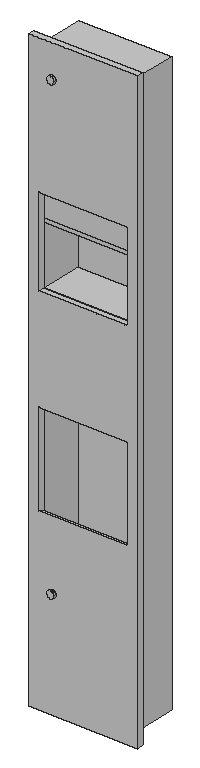
Revit family "RBA BIM - B815969", category Generic Models, Revit 2014
Parameters (values of type "B815969")
  Watermarked by = "RBA Group Pty Ltd"
  URL = "www.rba.com.au/washroom-accessories/paper-towel-dispensers"
  Specifier = "RBA Group Pty Ltd"
  Phone Number = "1300 788 778"
  Model = "B815969"
  Manufacturer = "Bobrick"
  MATERIAL = Stainless Steel, Brushed
  Description = "Recessed Hand Dryer, Paper Towel Dispenser & Waste Receptacle"
Reference planes
  plane 1 "Center (Front/Back)": y = 0
  plane 2: z = 0
  plane 3 "Center (Left/Right)": x = 0
  plane 4: z = 1830
  plane 5: x = -165
  plane 6: x = 165
  plane 7: y = -140
  plane 8: y = -159
  plane 9: z = 1140
  plane 10: z = 540
  plane 11: z = 825
  plane 12: z = 1805
  plane 13: z = 25
  plane 14: x = -140
  plane 15: x = 140
Forms (mm)
  Extrusion 1, solid, material "Stainless Steel, Brushed" <- "MATERIAL"
    sketch origin (0, 0, 25) x (1, 0, 0) y (0, 0, 1)
      loop
        line (-140, 0) -> (140, 0) -> (140, 1780) -> (-140, 1780) -> (-140, 0)
    from 0 to 140
  Blend 2, solid, material "Stainless Steel, Brushed" <- "MATERIAL"
    base sketch origin (0, 0, 0) x (1, 0, 0) y (0, 0, 1)
      loop
        line (-165, 1830) -> (-165, 0) -> (165, 0) -> (165, 1830) -> (-165, 1830)
    top sketch origin (0, 0, 0) x (1, 0, 0) y (0, 0, 1)
      loop
        line (-165, 1830) -> (-165, 0) -> (165, 0) -> (165, 1830) -> (-165, 1830)
    from 140 to 159
  Extrusion 3, solid, material "Stainless Steel, Brushed" <- "MATERIAL"
    sketch origin (0, 0, 0) x (1, 0, 0) y (0, 0, 1)
      loop
        circle (-95, 1730) r 11
    from 160 to 165
  Extrusion 4, solid, material "Stainless Steel, Brushed" <- "MATERIAL"
    sketch origin (0, 0, 0) x (1, 0, 0) y (0, 0, 1)
      loop
        circle (-95, 330) r 11
    from 160 to 165
  Extrusion 5, void
    sketch origin (0, 0, 0) x (1, 0, 0) y (0, 0, 1)
      loop
        line (-135, 1140) -> (135, 1140) -> (135, 1410) -> (-135, 1410) -> (-135, 1140)
    from 10 to 165
  Extrusion 6, void
    sketch origin (0, 0, 0) x (1, 0, 0) y (0, 0, 1)
      loop
        line (-135, 540) -> (135, 540) -> (135, 825) -> (-135, 825) -> (-135, 540)
    from 10 to 165
  Extrusion 7, void
    sketch origin (0, -159, 0) x (-1, 0, 0) y (0, 0, 1)
      loop
        line (135, 300) -> (135, 540) -> (-135, 540) -> (-135, 300) -> (135, 300)
    from 10 to 149
  Extrusion 8, solid, material "Stainless Steel, Brushed" <- "MATERIAL"
    sketch origin (-557.5, -159, -10) x (1, 0, 0) y (0, 0, 1)
      loop
        line (422.5, 1340) -> (692.5, 1340) -> (692.5, 1420) -> (422.5, 1420) -> (422.5, 1340)
    from -150 to -19
  Extrusion 9, solid, material "Stainless Steel AISI 304"
    sketch origin (-567.5, 0, 0) x (1, 0, 0) y (0, 0, 1)
      loop
        line (432.5, 1320) -> (702.5, 1320) -> (702.5, 1330) -> (432.5, 1330) -> (432.5, 1320)
    from 9 to 140
  Extrusion 10, solid, material "Stainless Steel, Brushed" <- "MATERIAL", not visible
    sketch origin (0, -160, 0) x (1, 0, 0) y (0, 0, 1)
      loop
        line (417.326, 1330) -> (717.326, 1330) -> (717.326, 1410) -> (417.326, 1410) -> (417.326, 1330)
    from -150 to -20
  Extrusion 11, solid, material "Stainless Steel AISI 304", not visible
    sketch origin (0, 0, 0) x (1, 0, 0) y (0, 0, 1)
      loop
        line (417.326, 1320) -> (717.326, 1320) -> (717.326, 1330) -> (417.326, 1330) -> (417.326, 1320)
    from 10 to 140
Cuts and joins
  Extrusion 5, Extrusion 6, Extrusion 7 cuts Extrusion 1
  Extrusion 5, Extrusion 6, Extrusion 7 cuts Blend 2
Lines and regions (mm)
  Split face 1, not visible
    outline origin (0, -140, 0) x (1, 0, 0) y (0, 0, 1)
      loop
        line (417.326, 1370) -> (457.326, 1370)
        arc (457.326, 1370) -> (567.326, 1395) -> (677.326, 1370) r 254.5
        line (677.326, 1370) -> (717.326, 1370)
  Split face 2
    outline origin (-557.5, -140, -10) x (1, 0, 0) y (0, 0, 1)
      loop
        line (422.5, 1375.378) -> (462.5, 1375.378)
        arc (462.5, 1375.378) -> (557.936, 1392.658) -> (652.5, 1371.113) r 242.219
        line (652.5, 1371.113) -> (692.5, 1371.113)
  model lines
    curve 1: spline (-95, -165, 1724) -> (-94.748, -165, 1724.204) -> (-94.512, -165, 1724.804) -> (-94.31, -165, 1725.757) -> (-94.155, -165, 1727) -> (-94.058, -165, 1728.447) -> (-94.025, -165, 1730) -> (-94.058, -165, 1731.553) -> (-94.155, -165, 1733) -> (-94.31, -165, 1734.243) -> (-94.512, -165, 1735.196) -> (-94.748, -165, 1735.796) -> (-95, -165, 1736) -> (-95.252, -165, 1735.796) -> (-95.488, -165, 1735.196) -> (-95.69, -165, 1734.243) -> (-95.845, -165, 1733) -> (-95.942, -165, 1731.553) -> (-95.975, -165, 1730) -> (-95.942, -165, 1728.447) -> (-95.845, -165, 1727) -> (-95.69, -165, 1725.757) -> (-95.488, -165, 1724.804) -> (-95.252, -165, 1724.204) -> (-95, -165, 1724)
    curve 2: spline (-95, -165, 324.04) -> (-94.741, -165, 324.243) -> (-94.5, -165, 324.838) -> (-94.292, -165, 325.785) -> (-94.133, -165, 327.02) -> (-94.033, -165, 328.457) -> (-93.999, -165, 330) -> (-94.033, -165, 331.543) -> (-94.133, -165, 332.98) -> (-94.292, -165, 334.215) -> (-94.5, -165, 335.162) -> (-94.741, -165, 335.757) -> (-95, -165, 335.96) -> (-95.259, -165, 335.757) -> (-95.5, -165, 335.162) -> (-95.708, -165, 334.215) -> (-95.867, -165, 332.98) -> (-95.967, -165, 331.543) -> (-96.001, -165, 330) -> (-95.967, -165, 328.457) -> (-95.867, -165, 327.02) -> (-95.708, -165, 325.785) -> (-95.5, -165, 324.838) -> (-95.259, -165, 324.243) -> (-95, -165, 324.04)
    curve 3: line (-75, -159, 825) -> (75, -159, 825)
    curve 4: line (-75, -159, 865) -> (-75, -159, 825)
    curve 5: line (75, -159, 865) -> (-75, -159, 865)
    curve 6: line (75, -159, 825) -> (75, -159, 865)
    curve 7: line (-95, -140, 1365.378) -> (-135, -140, 1365.378)
    curve 8: arc (95, -140, 1361.113) -> (0.436, -140, 1382.658) -> (-95, -140, 1365.378) r 242.219
    curve 9: line (135, -140, 1361.113) -> (95, -140, 1361.113)
    curve 10: line (135, -140, 1320) -> (-135, -140, 1320)
Dimensions and locks
  equal spacing: plane 6, plane 3 "Center (Left/Right)", plane 5, locked at 165 each
  plane 6 to plane 5 = 330 mm
  plane 4 to level = 1830 mm  (x2)
  plane 7 to plane 1 "Center (Front/Back)" = 140 mm
  plane 7 to plane 8 = 19 mm
  plane 1 "Center (Front/Back)" to plane 8 = 159 mm
  plane 12 to plane 13 = 1780 mm  (x2)
  plane 15 to plane 14 = 280 mm
  aligned and locked: level to plane 2
  aligned and locked: plane 5 to Blend 2 sketch curve
  aligned and locked: level to Blend 2 sketch curve
Automatic sketch dimensions
  level to Extrusion 1 sketch curve = 25 mm
  plane 5 to Extrusion 1 sketch curve = 25 mm
  Extrusion 1 sketch curve to plane 6 = 25 mm
  Extrusion 1 sketch curve to plane 4 = 25 mm
  Blend 2 sketch curve to level = 0 mm
  Blend 2 sketch curve to plane 4 = 0 mm  (x2)
  Blend 2 sketch curve to plane 5 = 0 mm
  Blend 2 sketch curve to plane 6 = 0 mm  (x2)
  curve 1 to curve 1 = 6 mm
  curve 2 to curve 2 = 5.96 mm
  level to Extrusion 4 sketch curve = 330 mm
  plane 5 to Extrusion 3 sketch curve = 70 mm
  plane 5 to Extrusion 4 sketch curve = 70 mm
  Extrusion 3 sketch curve to plane 4 = 100 mm
  Extrusion 5 sketch curve to plane 9 = 0 mm
  Extrusion 6 sketch curve to plane 10 = 0 mm
  Extrusion 6 sketch curve to plane 11 = 0 mm
  curve 5 to Blend 2 = 90 mm  (x2)
  curve 3 to Blend 2 = 825 mm
  curve 3 to curve 5 = 40 mm
  Blend 2 to Extrusion 7 sketch curve = 300 mm
  Blend 2 to Extrusion 7 sketch curve = 30 mm  (x2)
  Extrusion 7 sketch curve to Extrusion 7 sketch curve = 240 mm
  Extrusion 5 sketch curve to plane 6 = 30 mm
  Extrusion 6 sketch curve to plane 6 = 30 mm
  plane 5 to Extrusion 5 sketch curve = 30 mm
  plane 5 to Extrusion 6 sketch curve = 30 mm
  Extrusion 8 sketch curve to Extrusion 8 sketch curve = 270 mm
  Extrusion 8 sketch curve to Extrusion 8 sketch curve = 80 mm
  Extrusion 9 sketch curve to Extrusion 9 sketch curve = 10 mm
  Extrusion 9 sketch curve to Extrusion 9 sketch curve = 270 mm
  Extrusion 10 sketch curve to Extrusion 10 sketch curve = 300 mm
  Extrusion 10 sketch curve to Extrusion 10 sketch curve = 80 mm
  Split face 1 sketch curve to Extrusion 10 = 40 mm  (x3)
  Split face 1 sketch curve to Extrusion 10 = 150 mm
  Extrusion 10 to Split face 1 sketch curve = 189.5 mm
  Split face 1 sketch curve to Extrusion 10 = 0 mm
  Extrusion 10 to Split face 1 sketch curve = 0 mm
  Extrusion 11 sketch curve to Extrusion 11 sketch curve = 10 mm
  Extrusion 11 sketch curve to Extrusion 11 sketch curve = 300 mm
  Extrusion 8 sketch curve to Blend 2 = 30 mm
  Extrusion 8 sketch curve to Blend 2 = 500 mm
  plane 5 to Extrusion 9 sketch curve = 30 mm
  plane 9 to Extrusion 5 sketch curve = 270 mm
  plane 9 to Extrusion 9 sketch curve = 180 mm
  Extrusion 8 to curve 7 = 0 mm
  Extrusion 8 to curve 10 = 0 mm  (x2)
  curve 9 to Extrusion 8 = 0 mm
  curve 7 to Extrusion 8 = 40 mm
  curve 8 to Extrusion 8 = 130 mm
  curve 9 to curve 9 = 40 mm
  Extrusion 8 to curve 8 = 189.5 mm
  curve 9 to Extrusion 8 = 31.113 mm
  Extrusion 8 to curve 10 = 10 mm
  Extrusion 8 to Split face 2 sketch curve = 0 mm
  Split face 2 sketch curve to Extrusion 8 = 0 mm
  Split face 2 sketch curve to Split face 2 sketch curve = 40 mm
  Split face 2 sketch curve to Extrusion 8 = 130 mm
  Extrusion 8 to Split face 2 sketch curve = 189.5 mm
  Split face 2 sketch curve to Extrusion 8 = 35.378 mm
  Split face 2 sketch curve to Extrusion 8 = 40 mm
  radius of Extrusion 3 sketch curve = 11 mm
  radius of Extrusion 4 sketch curve = 11 mm
